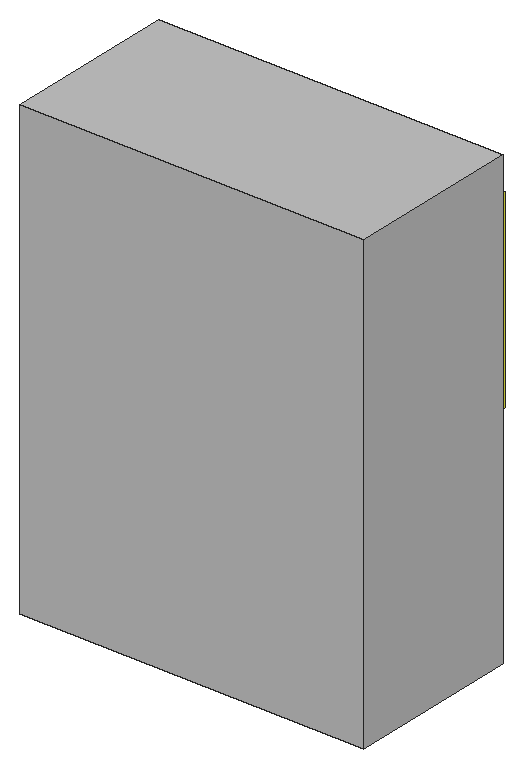
Revit family "235684 LOT1 Sløyfedrevet utkoblingsenhet", category Electrical Equipment, Revit 2016
Family settings
  Part Type = Other Panel
  Round Connector Dimension = Use Diameter
  OmniClass Number = 23.85.30.21.11
  OmniClass Title = Fire Detection, Monitoring and Alarm
  Work Plane-Based = No
  Always vertical = Yes
  Cut with Voids When Loaded = No
  Shared = No
  Room Calculation Point = No
Parameters (values of type "Utkoblingsenhet")
  Type Comments = "-OU"
  Panel Name [instance] = "542"
  NS8360 = "5422_XN5"
  Manufacturer = "Honeywell"
  Keynote = "XN5"
  CQFontSymboler = ""
  CQ Width = 151 mm
  CQ Voltage = 230 V
  CQ Type tekst synlig = yes
  CQ Type = "UT"
  CQ Depth = 76 mm
  CQ Montering tekst synlig [instance] = no
  CQ Montering [instance] = "Vegg"
  CQ Material = Laminate, Grey
  CQ Symbol Positive Direction [instance] = yes
  CQ Symbol Offset Side [instance] = 0 mm
  CQ Symbol Offset Out [instance] = 0 mm
  CQ Height = 200 mm
  CQ Font = 0 mm
  CQ Display = Laminate, Yellow
  Assembly Code = "5422"
Reference planes
  plane 1 "Center (Front/Back)": y = 0
  plane 2: z = 0
  plane 3 "Center (Left/Right)": x = 0
  plane 4: z = 100
  plane 5: z = -100
  plane 6 "Front": y = 76
  plane 7: x = -75.5
  plane 8: x = 75.5
  plane 9: z = 85
  plane 10: y = 77
  plane 11: x = 20
  plane 12: z = -50
Forms (mm)
  Extrusion 1, solid, material "Laminate, Grey" <- "CQ Material"
    sketch origin (0, -130, 0) x (-1, 0, 0) y (0, 0, 1)
      loop
        line (75.5, 100) -> (-75.5, 100) -> (-75.5, -100) -> (75.5, -100) -> (75.5, 100)
    from 130 to 206
  Extrusion 2, solid, material "Laminate, Yellow" <- "CQ Display"
    sketch origin (0, 76, 0) x (-1, 0, 0) y (0, 0, 1)
      loop
        line (75.5, 85) -> (-75.5, 85) -> (-75.5, 0) -> (75.5, 0) -> (75.5, 85)
    from 0 to 1
  Extrusion 3, solid, material "Laminate, White"
    sketch origin (1.434, 76, -103.873) x (-1, 0, 0) y (0, 0, 1)
      loop
        circle (-18.566, 53.873) r 35
    from 0 to 0.7
  Extrusion 4, solid, material "Laminate, Black"
    sketch origin (1.434, 76, -123.873) x (-1, 0, 0) y (0, 0, 1)
      loop
        circle (-18.566, 73.873) r 10
    from 0 to 2
Lines and regions (mm)
  model lines, style "InvisibleLines"
    curve 1: line (0, 0, 0) -> (0, 0, 5)
  symbolic lines, style "InvisibleLines"
    curve 2: line (0, 76, 0) -> (0, 76, 525)
    curve 3: line (-75.5, 0, 0) -> (-75.5, 77, 0)
    curve 4: line (-75.5, 77, 0) -> (75.5, 77, 0)
    curve 5: line (75.5, 77, 0) -> (75.5, 0, 0)
Dimensions and locks
  equal spacing: plane 4, level, plane 5
  "CQ Height": plane 4 to plane 5
  Extrusion 2 sketch curve to plane 7 = 0 mm
  Extrusion 2 sketch curve to plane 8 = 0 mm
  equal spacing: plane 7, plane 3 "Center (Left/Right)", plane 8
  "CQ Width": plane 7 to plane 8
  "CQ Depth": plane 6 "Front" to plane 1 "Center (Front/Back)"
  locked: plane 4 to plane 9 at 15
  locked: plane 10 to plane 6 "Front" at 1
  locked: plane 11 to plane 3 "Center (Left/Right)" at 20
  equal spacing: level, plane 12, plane 5
  aligned and locked: level to plane 2
  aligned and locked: plane 3 "Center (Left/Right)" to nested 1
  aligned and locked: plane 1 "Center (Front/Back)" to nested 1
  aligned and locked: Extrusion 1 sketch curve to plane 7
  aligned and locked: plane 8 to Extrusion 1 sketch curve
  aligned and locked: plane 8 to Extrusion 2
  aligned and locked: plane 3 "Center (Left/Right)" to curve 2
  aligned and locked: level to curve 2
  aligned and locked: plane 8 to Extrusion 1
  aligned and locked: Extrusion 1 to plane 7
  aligned and locked: plane 6 "Front" to Extrusion 1
  aligned and locked: plane 1 "Center (Front/Back)" to Extrusion 1
  aligned and locked: plane 4 to Extrusion 1
  aligned and locked: Extrusion 1 to plane 5
  aligned and locked: Extrusion 2 to plane 7
  aligned and locked: plane 9 to Extrusion 2
  aligned and locked: Extrusion 2 to level
  aligned and locked: plane 10 to Extrusion 2
  aligned and locked: plane 12 to Extrusion 4 sketch curve
  aligned and locked: plane 11 to Extrusion 4 sketch curve
  aligned and locked: plane 12 to Extrusion 3 sketch curve
  aligned and locked: plane 11 to Extrusion 3 sketch curve
  aligned and locked: curve 5 to plane 8
  aligned and locked: curve 4 to plane 10
  aligned and locked: plane 7 to curve 3
  aligned and locked: Extrusion 1 to plane 1 "Center (Front/Back)"
Automatic sketch dimensions
  curve 1 to plane 3 "Center (Left/Right)" = 0 mm
  curve 1 to level = 0 mm
  level to curve 1 = 5 mm
  plane 4 to curve 2 = 425 mm
  Extrusion 1 sketch curve to plane 4 = 0 mm
  Extrusion 2 sketch curve to plane 4 = 15 mm
  plane 5 to Extrusion 1 sketch curve = 0 mm
  level to Extrusion 2 sketch curve = 0 mm
  plane 1 "Center (Front/Back)" to curve 5 = 0 mm
  plane 1 "Center (Front/Back)" to curve 3 = 0 mm
  radius of Extrusion 3 sketch curve = 35 mm
  radius of Extrusion 4 sketch curve = 10 mm
Nested families
  nested 1: "Brannalarmsentral Symbol" at (0, 0, 0), type "Type 1"
Connectors
  electrical at (0, 0, 0), driven by "CQ Voltage"
    settings: index 1, voltage 230 V, apparent load 0 VA, apparent load phase1 0 VA, apparent load phase2 0 VA, apparent load phase3 0 VA, power factor 1, load classification "Other", number of poles 1, system type 31, power factor state 1, is connector primary yes, connector utility no, sub classification motor no, connector description ""
  electrical at (0, 0, 0)
    settings: index 2, voltage 0 V, apparent load 0 VA, apparent load phase1 0 VA, apparent load phase2 0 VA, apparent load phase3 0 VA, power factor 1, load classification "Other", number of poles 1, system type 11, power factor state 1, is connector primary no, connector utility no, sub classification motor no, connector description ""
Definition of nested family "Brannalarmsentral Symbol"
  Parameters (values of type "Type 1")
    Type tekst synlig = yes
    Type = "BS"
    Montering tekst synlig = no
    Montering = "Vegg"
    CQ Symbol Positive Direction = yes
    CQ Symbol Negative Direction = not(CQ Symbol Positive Direction)  # no
    CQ Symbol Offset Side = 0 mm
    CQ Symbol Offset Out = 0 mm
  Reference planes
    plane 1: y = 0
    plane 2: x = 0
  Dimensions and locks
    "CQ Symbol Offset Side": nested 2 to plane 2
    "CQ Symbol Offset Side": plane 2 to nested 1
    "CQ Symbol Offset Out": plane 1 to nested 1
    "CQ Symbol Offset Out": plane 1 to nested 2
  Nested families
    nested 1: "Brannalarmsentral" at (0, 0, 0), visible <- "CQ Symbol Positive Direction", type "Type1"
    nested 2: "Brannalarmsentral" at (0, 0, 0), visible <- "CQ Symbol Negative Direction", type "Type1"
  Definition of nested family "Brannalarmsentral"
    Parameters (values of type "Type1")
      Type tekst synlig = yes
      Type = "BS"
      Montering tekst synlig = no
      Montering = "Vegg"
    Reference planes
      plane 1: y = 0
      plane 2: x = 0
    Lines and regions (mm)
      detail lines
        curve 1: line (-2.5, 2, 0) -> (2.5, 2, 0)
        curve 2: line (2.5, 2, 0) -> (2.5, 7, 0)
        curve 3: line (2.5, 7, 0) -> (-2.5, 7, 0)
        curve 4: line (-2.5, 7, 0) -> (-2.5, 2, 0)
        curve 5: circle (-1.25, 3, 0) r 0.25 normal (0, 0, 1)
        curve 6: line (-1.25, 3.75, 0) -> (-1, 6, 0)
        curve 7: arc (-1, 6, 0) -> (-1.25, 6.25, 0) -> (-1.5, 6, 0) r 0.25
        curve 8: line (-1.5, 6, 0) -> (-1.25, 3.75, 0)
        curve 9: line (-1.25, 5, 0) -> (-1.25, 6, 0)
      detail lines, visible <- "Type tekst synlig"
        curve 10: line (-2.5, 0, 0) -> (2.5, 0, 0)
        curve 11: line (-2.5, 0, 0) -> (-2.5, 2, 0)
        curve 12: line (2.5, 0, 0) -> (2.5, 2, 0)
    Nested families
      nested 1: "txt 1_50" at (3.379, 6.924, 0), visible <- "Montering tekst synlig", Type Name <- "Montering", type "txt"
        with Type Name "Vegg"
      nested 2: "txt 1_50" at (-1.949, 0.863, 0), visible <- "Type tekst synlig", Type Name <- "Type", type "txt"
        with Type Name "BS"
    Definition of nested family "txt 1_50"
      Parameters (values of type "txt")
        Type Name [instance] = "HIM"
      Reference planes
        plane 1: y = 0
        plane 2: x = 0
      Text (mm)
        label "TXT" at (1.952, 0, 0), shows "Type Name"
